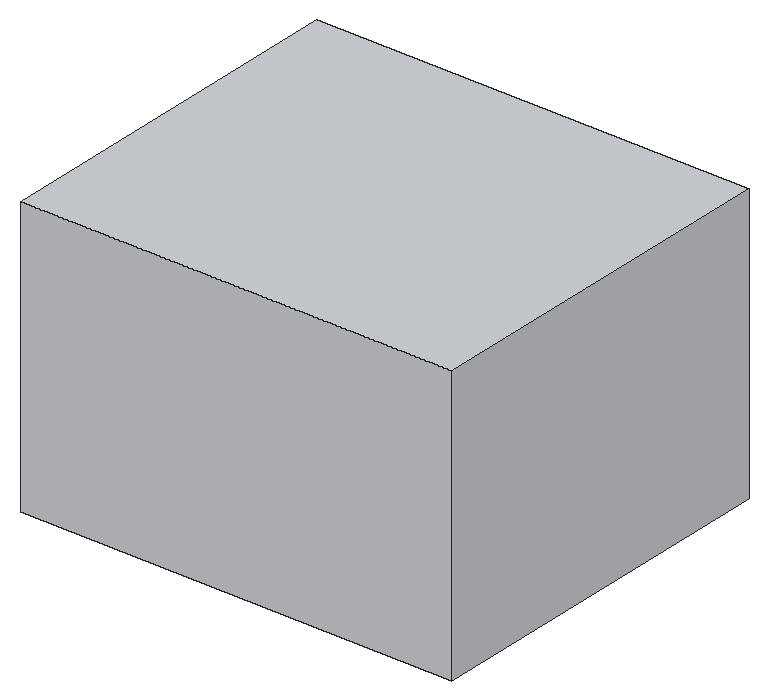
Revit family "ALG_Cutout_Slab", category Allgemeines Modell, Revit 2016
Family settings
  Teiletyp = Normal
  Kann Basisbauteil für Bewehrung sein = Nein
  Bemaßung runder Anschluss = Durchmesser verwenden
  Arbeitsebenenbasiert = Nein
  Immer vertikal = Ja
  Beim Laden mit Abzugskörper schneiden = Nein
  Gemeinsam genutzt = Nein
  Raumberechnungspunkt = Nein
Parameters (values of type "DD 50mm")
  OffsetModel [instance] = ALG_Durchbruch_Offset  # 50 mm
  HalbeTiefeOhneOffset [instance] = ALG_Durchbruch_TiefeOhneOffset / 2  # 250 mm
  HalbeBreiteOhneOffset [instance] = ALG_Durchbruch_BreiteOhneOffset / 2  # 300 mm
  DDR [instance] = no
  DD [instance] = yes
  ALG_Durchbruch_TiefeOhneOffset [instance] = 500 mm
  ALG_Durchbruch_Tiefe [instance] = ALG_Durchbruch_TiefeOhneOffset + (ALG_Durchbruch_Offset * 2)  # 600 mm
  ALG_Durchbruch_Offset [instance] = 50 mm
  ALG_Durchbruch_Höhe [instance] = 450 mm
  ALG_Durchbruch_BreiteOhneOffset [instance] = 600 mm
  ALG_Durchbruch_Breite [instance] = ALG_Durchbruch_BreiteOhneOffset + (ALG_Durchbruch_Offset * 2)  # 700 mm
Reference planes
  plane 1 "Mitte (Vorne/Hinten)": y = 0
  plane 2: z = 0
  plane 3 "Mitte (Links/Rechts)": x = 0
Forms (mm)
  Extrusion 1, solid, visible <- "DD"
    sketch origin (0, 0, 0) x (1, 0, 0) y (0, 1, 0)
      loop
        line (-211.582, -190.347) -> (488.418, -190.347) -> (488.418, 409.653) -> (-211.582, 409.653) -> (-211.582, -190.347)
    from -450 to 0
Lines and regions (mm)
  reference lines
    curve 1: line (-161.582, 396.497, 0) -> (-161.582, -180.347, 0)
    curve 2: line (-201.539, 359.653, 0) -> (438.418, 359.653, 0)
    curve 3: line (-201.539, -140.347, 0) -> (438.418, -140.347, 0)
    curve 4: line (438.418, 396.497, 0) -> (438.418, -190.347, 0)
    curve 5: line (-211.582, 409.653, 0) -> (488.418, 409.653, 0)
    curve 6: line (-211.582, -190.347, 0) -> (-211.582, 409.653, 0)
    curve 7: line (488.418, -190.347, 0) -> (-211.582, -190.347, 0)
    curve 8: line (488.418, 409.653, 0) -> (488.418, -190.347, 0)
    curve 9: line (-767.854, 0, -450) -> (932.146, 0, -450)
Dimensions and locks
  "OffsetModel": curve 4 to curve 8
  "OffsetModel": curve 2 to curve 5
  "OffsetModel": curve 7 to curve 3
  "OffsetModel": curve 6 to curve 1
  "ALG_Durchbruch_Höhe": level to curve 9
  "ALG_Durchbruch_BreiteOhneOffset": curve 1 to curve 4
  "ALG_Durchbruch_TiefeOhneOffset": curve 3 to curve 2
  aligned and locked: level to plane 2
  aligned and locked: curve 5 to Extrusion 1
  aligned and locked: Extrusion 1 to curve 5  (x2)
  aligned and locked: Extrusion 1 to curve 4
  aligned and locked: level to Extrusion 1
  aligned and locked: curve 9 to Extrusion 1
Automatic sketch dimensions
  Extrusion 1 sketch curve to plane 3 "Mitte (Links/Rechts)" = 211.582 mm
  plane 3 "Mitte (Links/Rechts)" to Extrusion 1 sketch curve = 488.418 mm
  plane 1 "Mitte (Vorne/Hinten)" to Extrusion 1 sketch curve = 190.347 mm
  Extrusion 1 sketch curve to plane 1 "Mitte (Vorne/Hinten)" = 409.653 mm
  curve 5 to plane 3 "Mitte (Links/Rechts)" = 211.582 mm
  plane 1 "Mitte (Vorne/Hinten)" to curve 7 = 190.347 mm
  curve 6 to curve 3 = 10.043 mm
  curve 5 to curve 2 = 10.043 mm
  curve 6 to curve 1 = 10 mm
  curve 1 to curve 5 = 13.157 mm
  curve 2 to curve 4 = 36.843 mm
  curve 9 to plane 3 "Mitte (Links/Rechts)" = 767.854 mm
  plane 3 "Mitte (Links/Rechts)" to curve 9 = 932.146 mm
